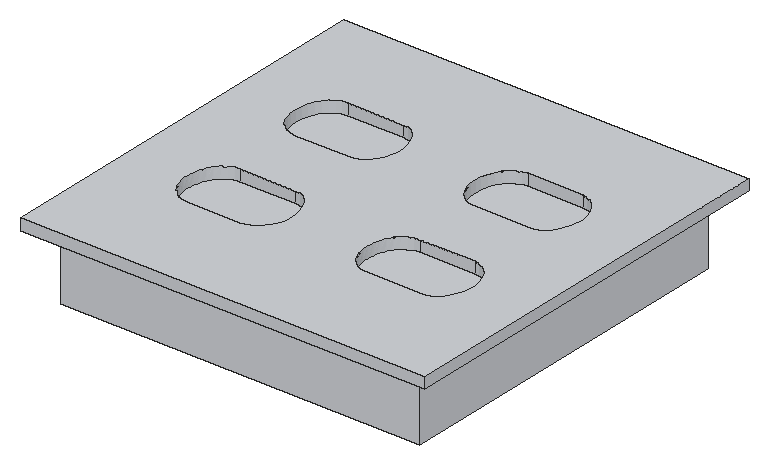
Revit family "Receptacle", category Electrical Fixtures, host Face, Revit 2025
Family settings
  Host = Face
  Round Connector Dimension = Use Diameter
  Part Type = Junction Box
  Cut with Voids When Loaded = No
  Maintain Annotation Orientation = Yes
  Shared = No
  Room Calculation Point = No
Parameters (values of type "Two Duplex")
  x = 0.74588"
  Width = 4 1/2"
  Symbol Distance [instance] = 0"
  Quadd = yes
  Height = 4 1/2"
  er = 0.27848"
  Depth = 1/8"
  Cut Distance = 1"
  Count = 2
  Back Depth = 3/4"
  Default Elevation = 48"
  Back Width = Width - Back Margin  # 4"
  Back Margin = 1/2"
  Back Height = Height - Back Margin  # 4"
Types (2): name | Width | Quadd | Cut Distance | Count | Back Width | Back Margin | Back Height
  Duplex | 2 3/4" | no | 0" | 1 | 1 3/4" | 1" | 3 1/2"
  Two Duplex | 4 1/2" | yes | 1" | 2 | 4" | 1/2" | 4"
Reference planes (in)
  plane 1 "Center (Front/Back)": y = 0
  plane 2: z = 0
  plane 3 "Center (Left/Right)": x = 0
  plane 4: z = 0.125
  plane 5: z = -0.75
  plane 6: y = 0.75
  plane 7: x = -1.30682
  plane 8: x = -0.69318
  plane 9: y = -0.75
  plane 10: x = -1
  plane 11: y = 0.75
  plane 12: x = 0.69318
  plane 13: x = 1.30682
  plane 14: y = -0.75
  plane 15: x = 1
Forms (in)
  Extrusion 1, solid, detail levels medium+fine
    sketch origin (0, 0, 0) x (1, 0, 0) y (0, 1, 0)
      loop
        line (-2.25, 2.25) -> (-2.25, -2.25) -> (2.25, -2.25) -> (2.25, 2.25) -> (-2.25, 2.25)
    from 0 to 0.125
  Extrusion 2, solid, detail levels medium+fine
    sketch origin (0, 0, 0) x (1, 0, 0) y (0, 1, 0)
      loop
        line (-2, 2) -> (-2, -2) -> (2, -2) -> (2, 2) -> (-2, 2)
    from 0 to -0.75
  Extrusion 3, void
    sketch origin (-1, 0, 0) x (1, 0, 0) y (0, 1, 0)
      loop
        spline (-0.30682, 1.12294) -> (-0.3789, 1.11023) -> (-0.44606, 1.07298) -> (-0.50374, 1.01371) -> (-0.54799, 0.93647) -> (-0.57581, 0.84652) -> (-0.5853, 0.75) -> (-0.57581, 0.65348) -> (-0.54799, 0.56353) -> (-0.50374, 0.48629) -> (-0.44606, 0.42702) -> (-0.3789, 0.38977) -> (-0.30682, 0.37706)
        line (-0.30682, 0.37706) -> (0.30682, 0.37706)
        spline (0.30682, 0.37706) -> (0.3789, 0.38977) -> (0.44606, 0.42702) -> (0.50374, 0.48629) -> (0.54799, 0.56353) -> (0.57581, 0.65348) -> (0.5853, 0.75) -> (0.57581, 0.84652) -> (0.54799, 0.93647) -> (0.50374, 1.01371) -> (0.44606, 1.07298) -> (0.3789, 1.11023) -> (0.30682, 1.12294)
        line (0.30682, 1.12294) -> (-0.30682, 1.12294)
      loop
        spline (-0.30682, -0.37706) -> (-0.3789, -0.38977) -> (-0.44606, -0.42702) -> (-0.50374, -0.48629) -> (-0.54799, -0.56353) -> (-0.57581, -0.65348) -> (-0.5853, -0.75) -> (-0.57581, -0.84652) -> (-0.54799, -0.93647) -> (-0.50374, -1.01371) -> (-0.44606, -1.07298) -> (-0.3789, -1.11023) -> (-0.30682, -1.12294)
        line (-0.30682, -1.12294) -> (0.30682, -1.12294)
        spline (0.30682, -1.12294) -> (0.3789, -1.11023) -> (0.44606, -1.07298) -> (0.50374, -1.01371) -> (0.54799, -0.93647) -> (0.57581, -0.84652) -> (0.5853, -0.75) -> (0.57581, -0.65348) -> (0.54799, -0.56353) -> (0.50374, -0.48629) -> (0.44606, -0.42702) -> (0.3789, -0.38977) -> (0.30682, -0.37706)
        line (0.30682, -0.37706) -> (-0.30682, -0.37706)
    from 0.125 to 0
  Extrusion 4, void
    sketch origin (1, 0, 0) x (1, 0, 0) y (0, 1, 0)
      loop
        spline (-0.30682, 1.12294) -> (-0.3789, 1.11023) -> (-0.44606, 1.07298) -> (-0.50374, 1.01371) -> (-0.54799, 0.93647) -> (-0.57581, 0.84652) -> (-0.5853, 0.75) -> (-0.57581, 0.65348) -> (-0.54799, 0.56353) -> (-0.50374, 0.48629) -> (-0.44606, 0.42702) -> (-0.3789, 0.38977) -> (-0.30682, 0.37706)
        line (-0.30682, 0.37706) -> (0.30682, 0.37706)
        spline (0.30682, 0.37706) -> (0.3789, 0.38977) -> (0.44606, 0.42702) -> (0.50374, 0.48629) -> (0.54799, 0.56353) -> (0.57581, 0.65348) -> (0.5853, 0.75) -> (0.57581, 0.84652) -> (0.54799, 0.93647) -> (0.50374, 1.01371) -> (0.44606, 1.07298) -> (0.3789, 1.11023) -> (0.30682, 1.12294)
        line (0.30682, 1.12294) -> (-0.30682, 1.12294)
      loop
        spline (-0.30682, -0.37706) -> (-0.3789, -0.38977) -> (-0.44606, -0.42702) -> (-0.50374, -0.48629) -> (-0.54799, -0.56353) -> (-0.57581, -0.65348) -> (-0.5853, -0.75) -> (-0.57581, -0.84652) -> (-0.54799, -0.93647) -> (-0.50374, -1.01371) -> (-0.44606, -1.07298) -> (-0.3789, -1.11023) -> (-0.30682, -1.12294)
        line (-0.30682, -1.12294) -> (0.30682, -1.12294)
        spline (0.30682, -1.12294) -> (0.3789, -1.11023) -> (0.44606, -1.07298) -> (0.50374, -1.01371) -> (0.54799, -0.93647) -> (0.57581, -0.84652) -> (0.5853, -0.75) -> (0.57581, -0.65348) -> (0.54799, -0.56353) -> (0.50374, -0.48629) -> (0.44606, -0.42702) -> (0.3789, -0.38977) -> (0.30682, -0.37706)
        line (0.30682, -0.37706) -> (-0.30682, -0.37706)
    from 0.125 to 0
Cuts and joins
  Extrusion 3, Extrusion 4 cuts Extrusion 1
  Extrusion 3, Extrusion 4 cuts Extrusion 2
Dimensions and locks (in)
  equal spacing: Extrusion 1 sketch curve, plane 3 "Center (Left/Right)", Extrusion 1 sketch curve
  "Width": Extrusion 1 sketch curve to Extrusion 1 sketch curve
  "Height": Extrusion 1 sketch curve to Extrusion 1 sketch curve
  equal spacing: Extrusion 1 sketch curve, plane 1 "Center (Front/Back)", Extrusion 1 sketch curve
  "Depth": plane 4 to plane 2
  "Back Depth": plane 2 to plane 5
  plane 6 to plane 1 "Center (Front/Back)" = 3/4"
  equal spacing: Extrusion 3 sketch curve, plane 6, Extrusion 3 sketch curve
  "x": Extrusion 3 sketch curve to Extrusion 3 sketch curve  (x2)
  equal spacing: Extrusion 3 sketch curve, plane 9, Extrusion 3 sketch curve
  "er": Extrusion 3 sketch curve to Extrusion 3 sketch curve  (x4)
  equal spacing: Extrusion 2 sketch curve, plane 3 "Center (Left/Right)", Extrusion 2 sketch curve
  equal spacing: Extrusion 2 sketch curve, plane 1 "Center (Front/Back)", Extrusion 2 sketch curve
  "Back Height": Extrusion 2 sketch curve to Extrusion 2 sketch curve
  "Back Width": Extrusion 2 sketch curve to Extrusion 2 sketch curve
  equal spacing: Extrusion 4 sketch curve, plane 11, Extrusion 4 sketch curve
  "x": Extrusion 4 sketch curve to Extrusion 4 sketch curve  (x2)
  equal spacing: Extrusion 4 sketch curve, plane 14, Extrusion 4 sketch curve
  "er": Extrusion 4 sketch curve to Extrusion 4 sketch curve  (x4)
  group 1 to group 2 = 2"
  group 1 to group 2 = 0"  (x2)
  "Cut Distance": plane 10 to plane 3 "Center (Left/Right)"
  "Cut Distance": plane 3 "Center (Left/Right)" to plane 15
  aligned and locked: plane 2 to host face
  aligned and locked: level to host face
  aligned and locked: plane 4 to Extrusion 1
  aligned and locked: Extrusion 2 to plane 5
  aligned and locked: plane 7 to Extrusion 3 sketch curve  (x4)
  aligned and locked: plane 8 to Extrusion 3 sketch curve  (x3)
  aligned and locked: Extrusion 1 to Extrusion 3
  aligned and locked: Extrusion 3 to level
  aligned and locked: plane 12 to Extrusion 4 sketch curve  (x4)
  aligned and locked: plane 13 to Extrusion 4 sketch curve  (x3)
Automatic sketch dimensions
  host sketch curve to host sketch curve = 96"  (x2)
Nested families (in)
  nested 1: "Wall Mounted" at (0, 0, 0), type "Standard"
Connectors (in)
  electrical at (0, 0, 0.125)
    settings: on Extrusion 1, index 1, voltage 0 V, apparent load 0 VA, apparent load phase1 0 VA, apparent load phase2 0 VA, apparent load phase3 0 VA, power factor 1, load classification "Other", number of poles 1, system type 31, power factor state 1, is connector primary yes, connector utility no, sub classification motor no, connector description ""
Definition of nested family "Wall Mounted"
  Parameters (values of type "Standard")
    Two Duplex = no
    Symbol Distance = 1/64"
    Diameter = 59/256"
    Center Height = Diameter * 1.5 * 0.6  # 0.20742"
  Reference planes (in)
    plane 1: y = 0
    plane 2: x = 0
  Lines and regions (in)
    detail lines
      curve 1: line (-0.03552, 0.32187, 0) -> (-0.03552, 0.01563, 0)
      curve 2: line (0.03552, 0.32187, 0) -> (0.03552, 0.01563, 0)
      curve 5: circle (0, 0.21225, 0) r 0.11523 normal (0, 0, 1)
    reference lines
      curve 3: line (-0.21695, 0.01562, 0) -> (0.23487, 0.01562, 0)
      curve 4: line (-0.15472, 0.22305, 0) -> (0.32266, 0.22305, 0)
      curve 7: line (-0.15472, 0.40183, 0) -> (-0.15472, 0.12148, 0)
      curve 8: line (0.15472, 0.40996, 0) -> (0.15472, 0.12961, 0)
    detail lines, visible <- "Two Duplex"
      curve 6: line (-0.15472, 0.25844, 0) -> (0.15472, 0.25844, 0)
      curve 9: line (-0.15472, 0.18766, 0) -> (0.15472, 0.18766, 0)
    detail lines, not visible
      curve 10: line (-0.03552, 0.30625, 0) -> (-0.03552, 0, 0)
      curve 11: line (0.03552, 0.30625, 0) -> (0.03552, 0, 0)
      curve 14: circle (0, 0.19662, 0) r 0.11523 normal (0, 0, 1)
    reference lines, not visible
      curve 12: line (-0.21695, 0, 0) -> (0.23487, 0, 0)
      curve 13: line (-0.15472, 0.20742, 0) -> (0.32266, 0.20742, 0)
      curve 16: line (-0.15472, 0.3862, 0) -> (-0.15472, 0.10585, 0)
      curve 17: line (0.15472, 0.39433, 0) -> (0.15472, 0.11398, 0)
    detail lines, visible <- "Two Duplex", not visible
      curve 15: line (-0.15472, 0.24281, 0) -> (0.15472, 0.24281, 0)
      curve 18: line (-0.15472, 0.17203, 0) -> (0.15472, 0.17203, 0)
  Dimensions and locks (in)
    "Symbol Distance": plane 1 to curve 3
